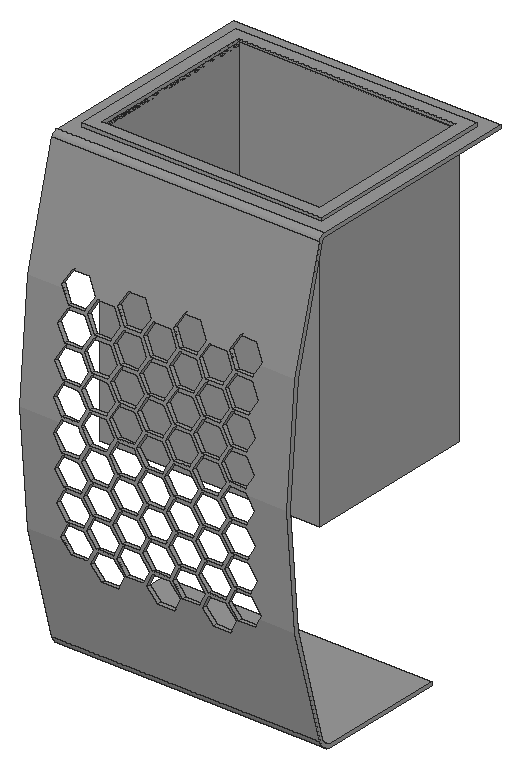
Revit family "Урна «Стэмфорд» Арт 16303", category Антураж, Revit 2018
Family settings
  На основе рабочей плоскости = Нет
  Всегда вертикально = Да
  При загрузке вырезать с полостями = Нет
  Источник визуального образа = Геометрия семейства
  Общий = Нет
  Точка расчета площади = Нет
Parameters (values of type "Урна «Стэмфорд»")
  Ширина = 400 mm  # constant formula
  Цвет урны = Черный
  Цвет опоры = Сталь
  Описание = "Урна «Стэмфорд»"  # constant formula
  Материал изделия = "Сталь"  # constant formula
  Изображение типоразмера = Урна «Стэмфорд» Арт 16303.jpg
  Изготовитель = "ООО «Хоббика»"  # constant formula
  Длина = 400 mm  # constant formula
  Группа модели = "Уличные урны"  # constant formula
  Высота = 700 mm  # constant formula
  Артикул товара = "Арт. 16303"  # constant formula
  URL = "https://hobbyka.ru/product/urna_stamford/"
Reference planes
  plane 1 "По центру (Вперед/Назад)": y = 0
  plane 2: z = 0
  plane 3 "По центру (Влево/Вправо)": x = 0
  plane 4: x = 400
  plane 5: y = 400
  plane 6: z = 700
Forms (mm)
  Extrusion 1, solid, material "Сталь" <- "Цвет опоры"
    sketch origin (0, 0, 0) x (0, 1, 0) y (0, 0, 1)
      loop
        line (400, 695) -> (70, 695)
        arc (70, 695) -> (63.871, 692.769) -> (60.61, 687.121) r 9.534
        arc (60.61, 687.121) -> (-0.14, 352.121) -> (60.61, 17.121) r 954.03
        arc (60.61, 17.121) -> (68.171, 6.144) -> (80, 0) r 27.551
        line (80, 0) -> (270, 0) -> (270, 5) -> (80.619, 5)
        arc (80.619, 5) -> (71.272, 10.078) -> (65.292, 18.877) r 22.551
        arc (65.292, 18.877) -> (4.86, 352.395) -> (65.484, 685.878) r 949.03
        arc (65.484, 685.878) -> (66.943, 688.814) -> (70, 690) r 4.534
        line (70, 690) -> (400, 690) -> (400, 695)
    from 0 to 400
  Extrusion 2, solid, material "Черный" <- "Цвет урны"
    sketch origin (0, 0, 0) x (0, 1, 0) y (0, 0, 1)
      loop
        line (105, 695) -> (105, 273.127) -> (365, 273.127) -> (365, 695) -> (105, 695)
    from 35 to 365
  Extrusion 3, solid, material "Черный" <- "Цвет урны"
    sketch origin (0, 0, 0) x (1, 0, 0) y (0, 1, 0)
      loop
        line (37, 363) -> (37, 107) -> (363, 107) -> (363, 363) -> (37, 363)
      loop
        line (20, 90) -> (380, 90) -> (380, 380) -> (20, 380) -> (20, 90)
    from 695 to 700
  Extrusion 4, void
    sketch origin (0, 0, 0) x (1, 0, 0) y (0, 1, 0)
      loop
        line (37, 363) -> (37, 107) -> (363, 107) -> (363, 363) -> (37, 363)
    from 277.946 to 700
  Extrusion 5, void
    sketch origin (0, 0, 50) x (1, 0, 0) y (0, 0, 1)
      loop
        line (313.773, 456.122) -> (338.773, 456.122) -> (351.273, 477.772) -> (338.773, 499.423) -> (313.773, 499.423) -> (301.273, 477.772) -> (313.773, 456.122)
      loop
        line (230.112, 456.122) -> (255.112, 456.122) -> (267.612, 477.772) -> (255.112, 499.423) -> (230.112, 499.423) -> (217.612, 477.772) -> (230.112, 456.122)
      loop
        line (171.452, 499.423) -> (146.452, 499.423) -> (133.952, 477.772) -> (146.452, 456.122) -> (171.452, 456.122) -> (183.952, 477.772) -> (171.452, 499.423)
      loop
        line (62.792, 499.423) -> (50.292, 477.772) -> (62.792, 456.122) -> (87.792, 456.122) -> (100.292, 477.772) -> (87.792, 499.423) -> (62.792, 499.423)
      loop
        line (104.622, 431.971) -> (129.622, 431.971) -> (142.122, 453.622) -> (129.622, 475.272) -> (104.622, 475.272) -> (92.122, 453.622) -> (104.622, 431.971)
      loop
        line (188.282, 431.971) -> (213.282, 431.971) -> (225.782, 453.622) -> (213.282, 475.272) -> (188.282, 475.272) -> (175.782, 453.622) -> (188.282, 431.971)
      loop
        line (271.942, 431.971) -> (296.942, 431.971) -> (309.442, 453.622) -> (296.942, 475.272) -> (271.942, 475.272) -> (259.442, 453.622) -> (271.942, 431.971)
      loop
        line (313.773, 407.821) -> (338.773, 407.821) -> (351.273, 429.471) -> (338.773, 451.122) -> (313.773, 451.122) -> (301.273, 429.471) -> (313.773, 407.821)
      loop
        line (230.112, 407.821) -> (255.112, 407.821) -> (267.612, 429.471) -> (255.112, 451.122) -> (230.112, 451.122) -> (217.612, 429.471) -> (230.112, 407.821)
      loop
        line (171.452, 451.122) -> (146.452, 451.122) -> (133.952, 429.471) -> (146.452, 407.821) -> (171.452, 407.821) -> (183.952, 429.471) -> (171.452, 451.122)
      loop
        line (62.792, 451.122) -> (50.292, 429.471) -> (62.792, 407.821) -> (87.792, 407.821) -> (100.292, 429.471) -> (87.792, 451.122) -> (62.792, 451.122)
      loop
        line (104.622, 383.67) -> (129.622, 383.67) -> (142.122, 405.321) -> (129.622, 426.971) -> (104.622, 426.971) -> (92.122, 405.321) -> (104.622, 383.67)
      loop
        line (188.282, 383.67) -> (213.282, 383.67) -> (225.782, 405.321) -> (213.282, 426.971) -> (188.282, 426.971) -> (175.782, 405.321) -> (188.282, 383.67)
      loop
        line (271.942, 383.67) -> (296.942, 383.67) -> (309.442, 405.321) -> (296.942, 426.971) -> (271.942, 426.971) -> (259.442, 405.321) -> (271.942, 383.67)
      loop
        line (313.773, 359.519) -> (338.773, 359.519) -> (351.273, 381.17) -> (338.773, 402.821) -> (313.773, 402.821) -> (301.273, 381.17) -> (313.773, 359.519)
      loop
        line (230.112, 359.519) -> (255.112, 359.519) -> (267.612, 381.17) -> (255.112, 402.821) -> (230.112, 402.821) -> (217.612, 381.17) -> (230.112, 359.519)
      loop
        line (171.452, 402.821) -> (146.452, 402.821) -> (133.952, 381.17) -> (146.452, 359.519) -> (171.452, 359.519) -> (183.952, 381.17) -> (171.452, 402.821)
      loop
        line (62.792, 402.821) -> (50.292, 381.17) -> (62.792, 359.519) -> (87.792, 359.519) -> (100.292, 381.17) -> (87.792, 402.821) -> (62.792, 402.821)
      loop
        line (104.622, 335.369) -> (129.622, 335.369) -> (142.122, 357.019) -> (129.622, 378.67) -> (104.622, 378.67) -> (92.122, 357.019) -> (104.622, 335.369)
      loop
        line (188.282, 335.369) -> (213.282, 335.369) -> (225.782, 357.019) -> (213.282, 378.67) -> (188.282, 378.67) -> (175.782, 357.019) -> (188.282, 335.369)
      loop
        line (271.942, 335.369) -> (296.942, 335.369) -> (309.442, 357.019) -> (296.942, 378.67) -> (271.942, 378.67) -> (259.442, 357.019) -> (271.942, 335.369)
      loop
        line (313.773, 311.218) -> (338.773, 311.218) -> (351.273, 332.869) -> (338.773, 354.519) -> (313.773, 354.519) -> (301.273, 332.869) -> (313.773, 311.218)
      loop
        line (230.112, 311.218) -> (255.112, 311.218) -> (267.612, 332.869) -> (255.112, 354.519) -> (230.112, 354.519) -> (217.612, 332.869) -> (230.112, 311.218)
      loop
        line (171.452, 354.519) -> (146.452, 354.519) -> (133.952, 332.869) -> (146.452, 311.218) -> (171.452, 311.218) -> (183.952, 332.869) -> (171.452, 354.519)
      loop
        line (62.792, 354.519) -> (50.292, 332.869) -> (62.792, 311.218) -> (87.792, 311.218) -> (100.292, 332.869) -> (87.792, 354.519) -> (62.792, 354.519)
      loop
        line (104.622, 287.067) -> (129.622, 287.067) -> (142.122, 308.718) -> (129.622, 330.369) -> (104.622, 330.369) -> (92.122, 308.718) -> (104.622, 287.067)
      loop
        line (188.282, 287.067) -> (213.282, 287.067) -> (225.782, 308.718) -> (213.282, 330.369) -> (188.282, 330.369) -> (175.782, 308.718) -> (188.282, 287.067)
      loop
        line (271.942, 287.067) -> (296.942, 287.067) -> (309.442, 308.718) -> (296.942, 330.369) -> (271.942, 330.369) -> (259.442, 308.718) -> (271.942, 287.067)
      loop
        line (313.773, 262.917) -> (338.773, 262.917) -> (351.273, 284.567) -> (338.773, 306.218) -> (313.773, 306.218) -> (301.273, 284.567) -> (313.773, 262.917)
      loop
        line (230.112, 262.917) -> (255.112, 262.917) -> (267.612, 284.567) -> (255.112, 306.218) -> (230.112, 306.218) -> (217.612, 284.567) -> (230.112, 262.917)
      loop
        line (171.452, 306.218) -> (146.452, 306.218) -> (133.952, 284.567) -> (146.452, 262.917) -> (171.452, 262.917) -> (183.952, 284.567) -> (171.452, 306.218)
      loop
        line (62.792, 306.218) -> (50.292, 284.567) -> (62.792, 262.917) -> (87.792, 262.917) -> (100.292, 284.567) -> (87.792, 306.218) -> (62.792, 306.218)
      loop
        line (104.622, 238.766) -> (129.622, 238.766) -> (142.122, 260.417) -> (129.622, 282.067) -> (104.622, 282.067) -> (92.122, 260.417) -> (104.622, 238.766)
      loop
        line (188.282, 238.766) -> (213.282, 238.766) -> (225.782, 260.417) -> (213.282, 282.067) -> (188.282, 282.067) -> (175.782, 260.417) -> (188.282, 238.766)
      loop
        line (271.942, 238.766) -> (296.942, 238.766) -> (309.442, 260.417) -> (296.942, 282.067) -> (271.942, 282.067) -> (259.442, 260.417) -> (271.942, 238.766)
      loop
        line (313.773, 214.615) -> (338.773, 214.615) -> (351.273, 236.266) -> (338.773, 257.917) -> (313.773, 257.917) -> (301.273, 236.266) -> (313.773, 214.615)
      loop
        line (230.112, 214.615) -> (255.112, 214.615) -> (267.612, 236.266) -> (255.112, 257.917) -> (230.112, 257.917) -> (217.612, 236.266) -> (230.112, 214.615)
      loop
        line (171.452, 257.917) -> (146.452, 257.917) -> (133.952, 236.266) -> (146.452, 214.615) -> (171.452, 214.615) -> (183.952, 236.266) -> (171.452, 257.917)
      loop
        line (62.792, 257.917) -> (50.292, 236.266) -> (62.792, 214.615) -> (87.792, 214.615) -> (100.292, 236.266) -> (87.792, 257.917) -> (62.792, 257.917)
      loop
        line (104.622, 190.465) -> (129.622, 190.465) -> (142.122, 212.115) -> (129.622, 233.766) -> (104.622, 233.766) -> (92.122, 212.115) -> (104.622, 190.465)
      loop
        line (188.282, 190.465) -> (213.282, 190.465) -> (225.782, 212.115) -> (213.282, 233.766) -> (188.282, 233.766) -> (175.782, 212.115) -> (188.282, 190.465)
      loop
        line (271.942, 190.465) -> (296.942, 190.465) -> (309.442, 212.115) -> (296.942, 233.766) -> (271.942, 233.766) -> (259.442, 212.115) -> (271.942, 190.465)
      loop
        line (313.773, 166.314) -> (338.773, 166.314) -> (351.273, 187.965) -> (338.773, 209.615) -> (313.773, 209.615) -> (301.273, 187.965) -> (313.773, 166.314)
      loop
        line (230.112, 166.314) -> (255.112, 166.314) -> (267.612, 187.965) -> (255.112, 209.615) -> (230.112, 209.615) -> (217.612, 187.965) -> (230.112, 166.314)
      loop
        line (171.452, 209.615) -> (146.452, 209.615) -> (133.952, 187.965) -> (146.452, 166.314) -> (171.452, 166.314) -> (183.952, 187.965) -> (171.452, 209.615)
      loop
        line (62.792, 209.615) -> (50.292, 187.965) -> (62.792, 166.314) -> (87.792, 166.314) -> (100.292, 187.965) -> (87.792, 209.615) -> (62.792, 209.615)
      loop
        line (104.622, 142.164) -> (129.622, 142.164) -> (142.122, 163.814) -> (129.622, 185.465) -> (104.622, 185.465) -> (92.122, 163.814) -> (104.622, 142.164)
      loop
        line (188.282, 142.164) -> (213.282, 142.164) -> (225.782, 163.814) -> (213.282, 185.465) -> (188.282, 185.465) -> (175.782, 163.814) -> (188.282, 142.164)
      loop
        line (271.942, 142.164) -> (296.942, 142.164) -> (309.442, 163.814) -> (296.942, 185.465) -> (271.942, 185.465) -> (259.442, 163.814) -> (271.942, 142.164)
      loop
        line (313.773, 118.013) -> (338.773, 118.013) -> (351.273, 139.664) -> (338.773, 161.314) -> (313.773, 161.314) -> (301.273, 139.664) -> (313.773, 118.013)
      loop
        line (230.112, 118.013) -> (255.112, 118.013) -> (267.612, 139.664) -> (255.112, 161.314) -> (230.112, 161.314) -> (217.612, 139.664) -> (230.112, 118.013)
      loop
        line (171.452, 161.314) -> (146.452, 161.314) -> (133.952, 139.664) -> (146.452, 118.013) -> (171.452, 118.013) -> (183.952, 139.664) -> (171.452, 161.314)
      loop
        line (62.792, 161.314) -> (50.292, 139.664) -> (62.792, 118.013) -> (87.792, 118.013) -> (100.292, 139.664) -> (87.792, 161.314) -> (62.792, 161.314)
      loop
        line (104.622, 93.862) -> (129.622, 93.862) -> (142.122, 115.513) -> (129.622, 137.164) -> (104.622, 137.164) -> (92.122, 115.513) -> (104.622, 93.862)
      loop
        line (188.282, 93.862) -> (213.282, 93.862) -> (225.782, 115.513) -> (213.282, 137.164) -> (188.282, 137.164) -> (175.782, 115.513) -> (188.282, 93.862)
      loop
        line (271.942, 93.862) -> (296.942, 93.862) -> (309.442, 115.513) -> (296.942, 137.164) -> (271.942, 137.164) -> (259.442, 115.513) -> (271.942, 93.862)
    from -37.239 to 12.813
Cuts and joins
  Extrusion 4, Extrusion 5 cuts Extrusion 1
  Extrusion 4 cuts Extrusion 3
  Extrusion 4 cuts Extrusion 2
Dimensions and locks
  "Длина": plane 3 "По центру (Влево/Вправо)" to plane 4
  "Ширина": plane 5 to plane 1 "По центру (Вперед/Назад)"
  "Высота": plane 6 to plane 2
  aligned and locked: level to plane 2
Automatic sketch dimensions
  Extrusion 1 sketch curve to Extrusion 1 sketch curve = 0 mm  (x6)
  Extrusion 1 sketch curve to level = 0 mm
  Extrusion 1 sketch curve to plane 5 = 0 mm
  level to Extrusion 1 sketch curve = 26.795 mm
  Extrusion 1 sketch curve to plane 1 "По центру (Вперед/Назад)" = 86.407 mm
  level to Extrusion 1 sketch curve = 5 mm
  Extrusion 1 sketch curve to Extrusion 1 sketch curve = 5.787 mm
  Extrusion 1 sketch curve to Extrusion 1 sketch curve = 0.619 mm
  Extrusion 1 sketch curve to plane 6 = 10 mm
  Extrusion 1 sketch curve to plane 1 "По центру (Вперед/Назад)" = 70 mm
  Extrusion 1 sketch curve to plane 6 = 347.879 mm
  plane 5 to Extrusion 1 sketch curve = 553.889 mm
  Extrusion 1 sketch curve to Extrusion 1 sketch curve = 4.534 mm
  Extrusion 1 sketch curve to plane 6 = 5 mm
  Extrusion 1 sketch curve to plane 5 = 130 mm
  Extrusion 1 sketch curve to Extrusion 1 sketch curve = 4.516 mm
  Extrusion 1 sketch curve to Extrusion 1 sketch curve = 4.874 mm
  Extrusion 2 sketch curve to plane 5 = 35 mm
  level to Extrusion 2 sketch curve = 273.127 mm
  Extrusion 2 sketch curve to plane 6 = 5 mm
  Extrusion 2 sketch curve to plane 1 "По центру (Вперед/Назад)" = 105 mm
  plane 3 "По центру (Влево/Вправо)" to Extrusion 3 sketch curve = 37 mm
  Extrusion 3 sketch curve to plane 4 = 37 mm
  Extrusion 3 sketch curve to plane 1 "По центру (Вперед/Назад)" = 107 mm
  Extrusion 3 sketch curve to plane 5 = 37 mm
  Extrusion 3 sketch curve to Extrusion 3 sketch curve = 17 mm  (x4)
  plane 3 "По центру (Влево/Вправо)" to Extrusion 4 sketch curve = 37 mm
  Extrusion 4 sketch curve to plane 4 = 37 mm
  Extrusion 4 sketch curve to plane 1 "По центру (Вперед/Назад)" = 107 mm
  Extrusion 4 sketch curve to plane 5 = 37 mm
  level to Extrusion 5 sketch curve = 237.965 mm  (x7)
  plane 3 "По центру (Влево/Вправо)" to Extrusion 5 sketch curve = 50.292 mm
  Extrusion 5 sketch curve to plane 6 = 220.529 mm  (x3)
  Extrusion 5 sketch curve to Extrusion 5 sketch curve = 0 mm  (x89)
  Extrusion 5 sketch curve to plane 6 = 172.228 mm  (x5)
  level to Extrusion 5 sketch curve = 334.567 mm  (x2)
  Extrusion 5 sketch curve to plane 6 = 268.83 mm
  level to Extrusion 5 sketch curve = 286.266 mm  (x5)
  level to Extrusion 5 sketch curve = 189.664 mm  (x8)
  Extrusion 5 sketch curve to Extrusion 5 sketch curve = 12.5 mm  (x71)
  level to Extrusion 5 sketch curve = 361.218 mm
  level to Extrusion 5 sketch curve = 307.917 mm  (x2)
  level to Extrusion 5 sketch curve = 264.615 mm  (x2)
  Extrusion 5 sketch curve to plane 6 = 150.577 mm  (x2)
  Extrusion 5 sketch curve to plane 6 = 193.878 mm  (x2)
  level to Extrusion 5 sketch curve = 259.615 mm  (x3)
  Extrusion 5 sketch curve to Extrusion 5 sketch curve = 25 mm  (x63)
  Extrusion 5 sketch curve to plane 6 = 198.878 mm
  Extrusion 5 sketch curve to plane 6 = 247.179 mm
  level to Extrusion 5 sketch curve = 216.314 mm  (x4)
  level to Extrusion 5 sketch curve = 310.417 mm  (x2)
  Extrusion 5 sketch curve to Extrusion 5 sketch curve = 4.33 mm  (x112)
  level to Extrusion 5 sketch curve = 262.115 mm  (x5)
  Extrusion 5 sketch curve to plane 6 = 244.679 mm
  Extrusion 5 sketch curve to plane 6 = 196.378 mm  (x3)
  level to Extrusion 5 sketch curve = 165.513 mm  (x6)
  level to Extrusion 5 sketch curve = 213.814 mm  (x6)
  Extrusion 5 sketch curve to plane 6 = 218.029 mm
  Extrusion 5 sketch curve to plane 6 = 174.728 mm  (x2)
  level to Extrusion 5 sketch curve = 332.067 mm
  level to Extrusion 5 sketch curve = 143.862 mm
  level to Extrusion 5 sketch curve = 337.067 mm
  level to Extrusion 5 sketch curve = 240.465 mm  (x2)
  level to Extrusion 5 sketch curve = 235.465 mm  (x3)
  level to Extrusion 5 sketch curve = 192.164 mm  (x3)
  level to Extrusion 5 sketch curve = 211.314 mm  (x2)
  level to Extrusion 5 sketch curve = 312.917 mm
  level to Extrusion 5 sketch curve = 168.013 mm  (x3)
  level to Extrusion 5 sketch curve = 283.766 mm
  level to Extrusion 5 sketch curve = 288.766 mm
  Extrusion 5 sketch curve to Extrusion 5 sketch curve = 21.651 mm  (x40)
  Extrusion 5 sketch curve to Extrusion 5 sketch curve = 5 mm  (x28)
  Extrusion 5 sketch curve to Extrusion 5 sketch curve = 2.5 mm  (x62)
